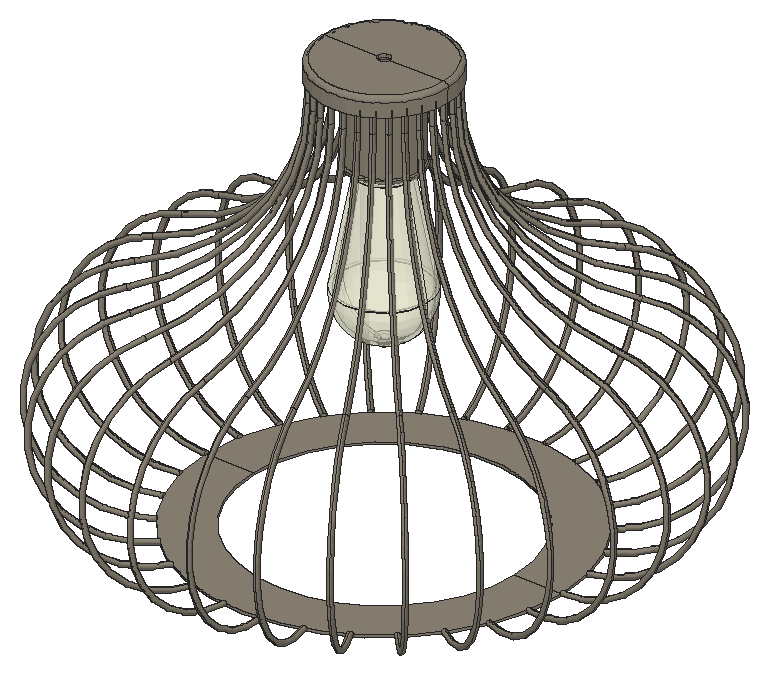
Revit family "ON16", category Lighting Fixtures, Revit 2024
Family settings
  Round Connector Dimension = Use Diameter
  Part Type = Normal
  OmniClass Number = 23.80.70.00
  OmniClass Title = Lighting
  Work Plane-Based = No
  Always vertical = Yes
  Cut with Voids When Loaded = No
  Light Source = No
  Maintain Annotation Orientation = No
  Shared = No
  Room Calculation Point = No
Parameters
  Default Elevation = 0' - 0"
Reference planes (in)
  plane 1 "Light Source Axis (F/B)": y = 0
  plane 2: z = 0
  plane 3 "Light Source Axis (L/R)": x = 0
  plane 4 "Light Source Elevation": z = 54
Forms (in)
  Revolve 1, solid, material "21P"
    sketch origin (0, 0, 0) x (1, 0, 0) y (0, 0, 1)
      loop
        arc (1.79004, 65.625) -> (1.75342, 65.71339) -> (1.66504, 65.75) r 0.125
        line (1.66504, 65.75) -> (0.17341, 65.75) -> (0.17341, 65.675) -> (1.69629, 65.675)
        arc (1.69629, 65.675) -> (1.71838, 65.66585) -> (1.72754, 65.64375) r 0.03125
        line (1.72754, 65.64375) -> (1.72754, 65.25) -> (1.79004, 65.25) -> (1.79004, 65.625)
      loop
        line (3.66224, 54) -> (4.98731, 54) -> (4.98731, 54.0625) -> (3.66224, 54.0625) -> (3.66224, 54)
      axis (0, 65.75) -> (0, 54)
    angle from 0 to 360
  Revolve 2, solid, material "21P"
    sketch origin (0, 0, 0) x (1, 0, 0) y (0, 0, 1)
      loop
        line (0.475, 65.675) -> (0.17341, 65.675) -> (0.17341, 65.64375) -> (0.475, 65.64375)
        arc (0.475, 65.64375) -> (0.7711, 65.5211) -> (0.89375, 65.225) r 0.41875
        line (0.89375, 65.225) -> (0.89375, 63.22)
        arc (0.89375, 63.22) -> (0.9079, 63.17576) -> (0.94509, 63.14794) r 0.07625
        arc (0.94509, 63.14794) -> (0.98839, 63.13307) -> (0.97, 63.175) r 0.025
        arc (0.97, 63.175) -> (0.93818, 63.18818) -> (0.925, 63.22) r 0.045
        line (0.925, 63.22) -> (0.925, 65.225)
        arc (0.925, 65.225) -> (0.7932, 65.5432) -> (0.475, 65.675) r 0.45
      axis (0, 65.675) -> (0, 63.14794)
    angle from 0 to 360
  Revolve 3, solid, material "BULB"
    sketch origin (0, 0, 0) x (1, 0, 0) y (0, 0, 1)
      loop
        arc (0.22619, 58.68968) -> (0.98649, 59.16628) -> (1.23155, 60.0295) r 1.25
        line (1.23155, 60.0295) -> (0.69916, 62.86997)
        arc (0.69916, 62.86997) -> (0.64784, 62.98099) -> (0.54991, 63.05427) r 0.24944
        arc (0.54991, 63.05427) -> (0.50699, 63.08302) -> (0.47825, 63.12594) r 0.13308
        line (0.47825, 63.12594) -> (0.47825, 63.47033) -> (0.3845, 63.47033) -> (0.3845, 63.10976)
        arc (0.3845, 63.10976) -> (0.4334, 63.02437) -> (0.51386, 62.96773) r 0.22683
        arc (0.51386, 62.96773) -> (0.57499, 62.92199) -> (0.60702, 62.8527) r 0.15569
        line (0.60702, 62.8527) -> (1.13857, 60.01668)
        arc (1.13857, 60.01668) -> (0.91019, 59.22081) -> (0.20823, 58.78169) r 1.15625
        arc (0.20823, 58.78169) -> (0.11461, 58.73451) -> (0.05927, 58.64547) r 0.19375
        arc (0.05927, 58.64547) -> (0.03724, 58.61034) -> (0, 58.59211) r 0.07559
        line (0, 58.59211) -> (0, 58.4977)
        arc (0, 58.4977) -> (0.09364, 58.53524) -> (0.14931, 58.61937) r 0.16934
        arc (0.14931, 58.61937) -> (0.17787, 58.66533) -> (0.22619, 58.68968) r 0.1
      axis (0, 63.47033) -> (0, 58.4977)
    angle from 0 to 360
  Sweep 4, solid, material "21P"
    path origin (0, 0, 0) x (1, 0, 0) y (0, 0, 1)
      loop
        line (1.67352, 65.625) -> (1.67352, 64.80654)
        arc (1.67352, 64.80654) -> (2.78437, 61.64215) -> (5.62941, 59.86646) r 5.0625
        arc (5.62941, 59.86646) -> (7.907, 56.67699) -> (4.98731, 54.0625) r 2.9375
    profile origin (1.67352, 0, 65.21577) x (0, -1, 0) y (1, 0, 0)
      loop
        circle (0, 0) r 0.0625
  Sweep 5, solid, material "21P"
    path origin (0, 0, 0) x (0.978148, -0.207912, 0) y (0, 0, 1)
      loop
        line (1.67352, 65.625) -> (1.67352, 64.80654)
        arc (1.67352, 64.80654) -> (2.78437, 61.64215) -> (5.62941, 59.86646) r 5.0625
        arc (5.62941, 59.86646) -> (7.907, 56.67699) -> (4.98731, 54.0625) r 2.9375
    profile origin (1.63695, -0.34794, 65.21577) x (-0.207912, -0.978148, 0) y (0.978148, -0.207912, 0)
      loop
        circle (0, 0) r 0.0625
  Sweep 6, solid, material "21P"
    path origin (0, 0, 0) x (0.978148, 0.207912, 0) y (0, 0, 1)
      loop
        line (1.67352, 65.625) -> (1.67352, 64.80654)
        arc (1.67352, 64.80654) -> (2.78437, 61.64215) -> (5.62941, 59.86646) r 5.0625
        arc (5.62941, 59.86646) -> (7.907, 56.67699) -> (4.98731, 54.0625) r 2.9375
    profile origin (1.63695, 0.34794, 65.21577) x (0.207912, -0.978148, 0) y (0.978148, 0.207912, 0)
      loop
        circle (0, 0) r 0.0625
  Sweep 7, solid, material "21P"
    path origin (0, 0, 0) x (0.913545, 0.406737, 0) y (0, 0, 1)
      loop
        line (1.67352, 65.625) -> (1.67352, 64.80654)
        arc (1.67352, 64.80654) -> (2.78437, 61.64215) -> (5.62941, 59.86646) r 5.0625
        arc (5.62941, 59.86646) -> (7.907, 56.67699) -> (4.98731, 54.0625) r 2.9375
    profile origin (1.52883, 0.68068, 65.21577) x (0.406737, -0.913545, 0) y (0.913545, 0.406737, 0)
      loop
        circle (0, 0) r 0.0625
  Sweep 8, solid, material "21P"
    path origin (0, 0, 0) x (0.809017, 0.587785, 0) y (0, 0, 1)
      loop
        line (1.67352, 65.625) -> (1.67352, 64.80654)
        arc (1.67352, 64.80654) -> (2.78437, 61.64215) -> (5.62941, 59.86646) r 5.0625
        arc (5.62941, 59.86646) -> (7.907, 56.67699) -> (4.98731, 54.0625) r 2.9375
    profile origin (1.3539, 0.98367, 65.21577) x (0.587785, -0.809017, 0) y (0.809017, 0.587785, 0)
      loop
        circle (0, 0) r 0.0625
  Sweep 9, solid, material "21P"
    path origin (0, 0, 0) x (0.669131, 0.743145, 0) y (0, 0, 1)
      loop
        line (1.67352, 65.625) -> (1.67352, 64.80654)
        arc (1.67352, 64.80654) -> (2.78437, 61.64215) -> (5.62941, 59.86646) r 5.0625
        arc (5.62941, 59.86646) -> (7.907, 56.67699) -> (4.98731, 54.0625) r 2.9375
    profile origin (1.1198, 1.24367, 65.21577) x (0.743145, -0.669131, 0) y (0.669131, 0.743145, 0)
      loop
        circle (0, 0) r 0.0625
  Sweep 10, solid, material "21P"
    path origin (0, 0, 0) x (0.5, 0.866025, 0) y (0, 0, 1)
      loop
        line (1.67352, 65.625) -> (1.67352, 64.80654)
        arc (1.67352, 64.80654) -> (2.78437, 61.64215) -> (5.62941, 59.86646) r 5.0625
        arc (5.62941, 59.86646) -> (7.907, 56.67699) -> (4.98731, 54.0625) r 2.9375
    profile origin (0.83676, 1.44931, 65.21577) x (0.866025, -0.5, 0) y (0.5, 0.866025, 0)
      loop
        circle (0, 0) r 0.0625
  Sweep 11, solid, material "21P"
    path origin (0, 0, 0) x (0.309017, 0.951057, 0) y (0, 0, 1)
      loop
        line (1.67352, 65.625) -> (1.67352, 64.80654)
        arc (1.67352, 64.80654) -> (2.78437, 61.64215) -> (5.62941, 59.86646) r 5.0625
        arc (5.62941, 59.86646) -> (7.907, 56.67699) -> (4.98731, 54.0625) r 2.9375
    profile origin (0.51715, 1.59161, 65.21577) x (0.951057, -0.309017, 0) y (0.309017, 0.951057, 0)
      loop
        circle (0, 0) r 0.0625
  Sweep 12, solid, material "21P"
    path origin (0, 0, 0) x (0.104528, 0.994522, 0) y (0, 0, 1)
      loop
        line (1.67352, 65.625) -> (1.67352, 64.80654)
        arc (1.67352, 64.80654) -> (2.78437, 61.64215) -> (5.62941, 59.86646) r 5.0625
        arc (5.62941, 59.86646) -> (7.907, 56.67699) -> (4.98731, 54.0625) r 2.9375
    profile origin (0.17493, 1.66435, 65.21577) x (0.994522, -0.104528, 0) y (0.104528, 0.994522, 0)
      loop
        circle (0, 0) r 0.0625
  Sweep 13, solid, material "21P"
    path origin (0, 0, 0) x (-0.104528, 0.994522, 0) y (0, 0, 1)
      loop
        line (1.67352, 65.625) -> (1.67352, 64.80654)
        arc (1.67352, 64.80654) -> (2.78437, 61.64215) -> (5.62941, 59.86646) r 5.0625
        arc (5.62941, 59.86646) -> (7.907, 56.67699) -> (4.98731, 54.0625) r 2.9375
    profile origin (-0.17493, 1.66435, 65.21577) x (0.994522, 0.104528, 0) y (-0.104528, 0.994522, 0)
      loop
        circle (0, 0) r 0.0625
  Sweep 14, solid, material "21P"
    path origin (0, 0, 0) x (-0.309017, 0.951057, 0) y (0, 0, 1)
      loop
        line (1.67352, 65.625) -> (1.67352, 64.80654)
        arc (1.67352, 64.80654) -> (2.78437, 61.64215) -> (5.62941, 59.86646) r 5.0625
        arc (5.62941, 59.86646) -> (7.907, 56.67699) -> (4.98731, 54.0625) r 2.9375
    profile origin (-0.51715, 1.59161, 65.21577) x (0.951057, 0.309017, 0) y (-0.309017, 0.951057, 0)
      loop
        circle (0, 0) r 0.0625
  Sweep 15, solid, material "21P"
    path origin (0, 0, 0) x (-0.5, 0.866025, 0) y (0, 0, 1)
      loop
        line (1.67352, 65.625) -> (1.67352, 64.80654)
        arc (1.67352, 64.80654) -> (2.78437, 61.64215) -> (5.62941, 59.86646) r 5.0625
        arc (5.62941, 59.86646) -> (7.907, 56.67699) -> (4.98731, 54.0625) r 2.9375
    profile origin (-0.83676, 1.44931, 65.21577) x (0.866025, 0.5, 0) y (-0.5, 0.866025, 0)
      loop
        circle (0, 0) r 0.0625
  Sweep 16, solid, material "21P"
    path origin (0, 0, 0) x (-0.669131, 0.743145, 0) y (0, 0, 1)
      loop
        line (1.67352, 65.625) -> (1.67352, 64.80654)
        arc (1.67352, 64.80654) -> (2.78437, 61.64215) -> (5.62941, 59.86646) r 5.0625
        arc (5.62941, 59.86646) -> (7.907, 56.67699) -> (4.98731, 54.0625) r 2.9375
    profile origin (-1.1198, 1.24367, 65.21577) x (0.743145, 0.669131, 0) y (-0.669131, 0.743145, 0)
      loop
        circle (0, 0) r 0.0625
  Sweep 17, solid, material "21P"
    path origin (0, 0, 0) x (-0.809017, 0.587785, 0) y (0, 0, 1)
      loop
        line (1.67352, 65.625) -> (1.67352, 64.80654)
        arc (1.67352, 64.80654) -> (2.78437, 61.64215) -> (5.62941, 59.86646) r 5.0625
        arc (5.62941, 59.86646) -> (7.907, 56.67699) -> (4.98731, 54.0625) r 2.9375
    profile origin (-1.3539, 0.98367, 65.21577) x (0.587785, 0.809017, 0) y (-0.809017, 0.587785, 0)
      loop
        circle (0, 0) r 0.0625
  Sweep 18, solid, material "21P"
    path origin (0, 0, 0) x (-0.913545, 0.406737, 0) y (0, 0, 1)
      loop
        line (1.67352, 65.625) -> (1.67352, 64.80654)
        arc (1.67352, 64.80654) -> (2.78437, 61.64215) -> (5.62941, 59.86646) r 5.0625
        arc (5.62941, 59.86646) -> (7.907, 56.67699) -> (4.98731, 54.0625) r 2.9375
    profile origin (-1.52883, 0.68068, 65.21577) x (0.406737, 0.913545, 0) y (-0.913545, 0.406737, 0)
      loop
        circle (0, 0) r 0.0625
  Sweep 19, solid, material "21P"
    path origin (0, 0, 0) x (-0.978148, 0.207912, 0) y (0, 0, 1)
      loop
        line (1.67352, 65.625) -> (1.67352, 64.80654)
        arc (1.67352, 64.80654) -> (2.78437, 61.64215) -> (5.62941, 59.86646) r 5.0625
        arc (5.62941, 59.86646) -> (7.907, 56.67699) -> (4.98731, 54.0625) r 2.9375
    profile origin (-1.63695, 0.34794, 65.21577) x (0.207912, 0.978148, 0) y (-0.978148, 0.207912, 0)
      loop
        circle (0, 0) r 0.0625
  Sweep 20, solid, material "21P"
    path origin (0, 0, 0) x (-1, 0, 0) y (0, 0, 1)
      loop
        line (1.67352, 65.625) -> (1.67352, 64.80654)
        arc (1.67352, 64.80654) -> (2.78437, 61.64215) -> (5.62941, 59.86646) r 5.0625
        arc (5.62941, 59.86646) -> (7.907, 56.67699) -> (4.98731, 54.0625) r 2.9375
    profile origin (-1.67352, 0, 65.21577) x (0, 1, 0) y (-1, 0, 0)
      loop
        circle (0, 0) r 0.0625
  Sweep 21, solid, material "21P"
    path origin (0, 0, 0) x (-0.978148, -0.207912, 0) y (0, 0, 1)
      loop
        line (1.67352, 65.625) -> (1.67352, 64.80654)
        arc (1.67352, 64.80654) -> (2.78437, 61.64215) -> (5.62941, 59.86646) r 5.0625
        arc (5.62941, 59.86646) -> (7.907, 56.67699) -> (4.98731, 54.0625) r 2.9375
    profile origin (-1.63695, -0.34794, 65.21577) x (-0.207912, 0.978148, 0) y (-0.978148, -0.207912, 0)
      loop
        circle (0, 0) r 0.0625
  Sweep 22, solid, material "21P"
    path origin (0, 0, 0) x (-0.913545, -0.406737, 0) y (0, 0, 1)
      loop
        line (1.67352, 65.625) -> (1.67352, 64.80654)
        arc (1.67352, 64.80654) -> (2.78437, 61.64215) -> (5.62941, 59.86646) r 5.0625
        arc (5.62941, 59.86646) -> (7.907, 56.67699) -> (4.98731, 54.0625) r 2.9375
    profile origin (-1.52883, -0.68068, 65.21577) x (-0.406737, 0.913545, 0) y (-0.913545, -0.406737, 0)
      loop
        circle (0, 0) r 0.0625
  Sweep 23, solid, material "21P"
    path origin (0, 0, 0) x (-0.809017, -0.587785, 0) y (0, 0, 1)
      loop
        line (1.67352, 65.625) -> (1.67352, 64.80654)
        arc (1.67352, 64.80654) -> (2.78437, 61.64215) -> (5.62941, 59.86646) r 5.0625
        arc (5.62941, 59.86646) -> (7.907, 56.67699) -> (4.98731, 54.0625) r 2.9375
    profile origin (-1.3539, -0.98367, 65.21577) x (-0.587785, 0.809017, 0) y (-0.809017, -0.587785, 0)
      loop
        circle (0, 0) r 0.0625
  Sweep 24, solid, material "21P"
    path origin (0, 0, 0) x (-0.669131, -0.743145, 0) y (0, 0, 1)
      loop
        line (1.67352, 65.625) -> (1.67352, 64.80654)
        arc (1.67352, 64.80654) -> (2.78437, 61.64215) -> (5.62941, 59.86646) r 5.0625
        arc (5.62941, 59.86646) -> (7.907, 56.67699) -> (4.98731, 54.0625) r 2.9375
    profile origin (-1.1198, -1.24367, 65.21577) x (-0.743145, 0.669131, 0) y (-0.669131, -0.743145, 0)
      loop
        circle (0, 0) r 0.0625
  Sweep 25, solid, material "21P"
    path origin (0, 0, 0) x (-0.5, -0.866025, 0) y (0, 0, 1)
      loop
        line (1.67352, 65.625) -> (1.67352, 64.80654)
        arc (1.67352, 64.80654) -> (2.78437, 61.64215) -> (5.62941, 59.86646) r 5.0625
        arc (5.62941, 59.86646) -> (7.907, 56.67699) -> (4.98731, 54.0625) r 2.9375
    profile origin (-0.83676, -1.44931, 65.21577) x (-0.866025, 0.5, 0) y (-0.5, -0.866025, 0)
      loop
        circle (0, 0) r 0.0625
  Sweep 26, solid, material "21P"
    path origin (0, 0, 0) x (-0.309017, -0.951057, 0) y (0, 0, 1)
      loop
        line (1.67352, 65.625) -> (1.67352, 64.80654)
        arc (1.67352, 64.80654) -> (2.78437, 61.64215) -> (5.62941, 59.86646) r 5.0625
        arc (5.62941, 59.86646) -> (7.907, 56.67699) -> (4.98731, 54.0625) r 2.9375
    profile origin (-0.51715, -1.59161, 65.21577) x (-0.951057, 0.309017, 0) y (-0.309017, -0.951057, 0)
      loop
        circle (0, 0) r 0.0625
  Sweep 27, solid, material "21P"
    path origin (0, 0, 0) x (-0.104528, -0.994522, 0) y (0, 0, 1)
      loop
        line (1.67352, 65.625) -> (1.67352, 64.80654)
        arc (1.67352, 64.80654) -> (2.78437, 61.64215) -> (5.62941, 59.86646) r 5.0625
        arc (5.62941, 59.86646) -> (7.907, 56.67699) -> (4.98731, 54.0625) r 2.9375
    profile origin (-0.17493, -1.66435, 65.21577) x (-0.994522, 0.104528, 0) y (-0.104528, -0.994522, 0)
      loop
        circle (0, 0) r 0.0625
  Sweep 28, solid, material "21P"
    path origin (0, 0, 0) x (0.104528, -0.994522, 0) y (0, 0, 1)
      loop
        line (1.67352, 65.625) -> (1.67352, 64.80654)
        arc (1.67352, 64.80654) -> (2.78437, 61.64215) -> (5.62941, 59.86646) r 5.0625
        arc (5.62941, 59.86646) -> (7.907, 56.67699) -> (4.98731, 54.0625) r 2.9375
    profile origin (0.17493, -1.66435, 65.21577) x (-0.994522, -0.104528, 0) y (0.104528, -0.994522, 0)
      loop
        circle (0, 0) r 0.0625
  Sweep 29, solid, material "21P"
    path origin (0, 0, 0) x (0.309017, -0.951057, 0) y (0, 0, 1)
      loop
        line (1.67352, 65.625) -> (1.67352, 64.80654)
        arc (1.67352, 64.80654) -> (2.78437, 61.64215) -> (5.62941, 59.86646) r 5.0625
        arc (5.62941, 59.86646) -> (7.907, 56.67699) -> (4.98731, 54.0625) r 2.9375
    profile origin (0.51715, -1.59161, 65.21577) x (-0.951057, -0.309017, 0) y (0.309017, -0.951057, 0)
      loop
        circle (0, 0) r 0.0625
  Sweep 30, solid, material "21P"
    path origin (0, 0, 0) x (0.5, -0.866025, 0) y (0, 0, 1)
      loop
        line (1.67352, 65.625) -> (1.67352, 64.80654)
        arc (1.67352, 64.80654) -> (2.78437, 61.64215) -> (5.62941, 59.86646) r 5.0625
        arc (5.62941, 59.86646) -> (7.907, 56.67699) -> (4.98731, 54.0625) r 2.9375
    profile origin (0.83676, -1.44931, 65.21577) x (-0.866025, -0.5, 0) y (0.5, -0.866025, 0)
      loop
        circle (0, 0) r 0.0625
  Sweep 31, solid, material "21P"
    path origin (0, 0, 0) x (0.669131, -0.743145, 0) y (0, 0, 1)
      loop
        line (1.67352, 65.625) -> (1.67352, 64.80654)
        arc (1.67352, 64.80654) -> (2.78437, 61.64215) -> (5.62941, 59.86646) r 5.0625
        arc (5.62941, 59.86646) -> (7.907, 56.67699) -> (4.98731, 54.0625) r 2.9375
    profile origin (1.1198, -1.24367, 65.21577) x (-0.743145, -0.669131, 0) y (0.669131, -0.743145, 0)
      loop
        circle (0, 0) r 0.0625
  Sweep 32, solid, material "21P"
    path origin (0, 0, 0) x (0.809017, -0.587785, 0) y (0, 0, 1)
      loop
        line (1.67352, 65.625) -> (1.67352, 64.80654)
        arc (1.67352, 64.80654) -> (2.78437, 61.64215) -> (5.62941, 59.86646) r 5.0625
        arc (5.62941, 59.86646) -> (7.907, 56.67699) -> (4.98731, 54.0625) r 2.9375
    profile origin (1.3539, -0.98367, 65.21577) x (-0.587785, -0.809017, 0) y (0.809017, -0.587785, 0)
      loop
        circle (0, 0) r 0.0625
  Sweep 33, solid, material "21P"
    path origin (0, 0, 0) x (0.913545, -0.406737, 0) y (0, 0, 1)
      loop
        line (1.67352, 65.625) -> (1.67352, 64.80654)
        arc (1.67352, 64.80654) -> (2.78437, 61.64215) -> (5.62941, 59.86646) r 5.0625
        arc (5.62941, 59.86646) -> (7.907, 56.67699) -> (4.98731, 54.0625) r 2.9375
    profile origin (1.52883, -0.68068, 65.21577) x (-0.406737, -0.913545, 0) y (0.913545, -0.406737, 0)
      loop
        circle (0, 0) r 0.0625
Dimensions and locks (in)
  aligned and locked: level to plane 2
